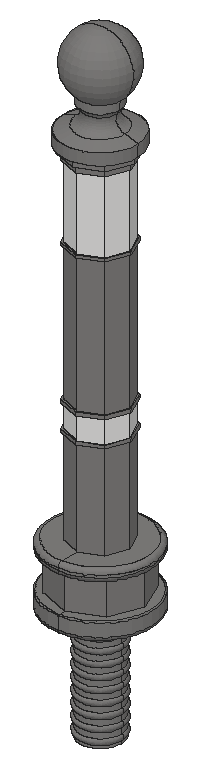
Revit family "Pilona Trajana FLEX", category Furniture, Revit 2020
Family settings
  OmniClass Number = 23.40.20.00
  OmniClass Title = General Furniture and Specialties
  Work Plane-Based = No
  Always vertical = Yes
  Cut with Voids When Loaded = No
  Shared = No
  Room Calculation Point = No
Parameters (values of type "Pilona Trajana FLEX-H410-100mm")
  URL Producto = "https://www.benito.com/es/mobiliario-urbano/pilonas-semiflexibles/trajana-flex--H410.html"
  Type Comments = "Con dos bandas reflectantes en la parte superior e inferior"
  Referencia = "H410"
  Material = Polietilieno
  H1 = 0.200 m
  H = 1.100 m
  Ficha Tecnica = "https://www.benito.com/es/download/data-sheet-H410"
  Fabricante = "BENITO URBAN SL"
  Description = "Pilona fabricada en polietileno de baja y alta densidad, compactado. Interior con goma reciclada de caucho"
  Default Elevation = 0.000 m
  B = 0.073 m
  A = 0.100 m
Reference planes (m)
  plane 1 "Center (Front/Back)": y = 0
  plane 2: z = 0
  plane 3 "Center (Left/Right)": x = 0
  plane 4: z = 1.1
  plane 5: z = 0.2
  plane 6: x = -0.05
  plane 7: x = 0.05
  plane 8: x = -0.0365
  plane 9: x = 0.0365
  plane 10: x = -0.09
  plane 11: x = 0.09
Forms (m)
  Revolve 1, solid, material "FLEX p"
    sketch origin (0, 0, 0) x (1, 0, 0) y (0, 0, 1)
      loop
        line (0, 0.2) -> (-0.0365, 0.2) -> (-0.0365, 0.18)
        arc (-0.0365, 0.18) -> (-0.039529, 0.175) -> (-0.0365, 0.17) r 0.005642
        line (-0.0365, 0.17) -> (-0.0365, 0.16)
        arc (-0.0365, 0.16) -> (-0.039529, 0.155) -> (-0.0365, 0.15) r 0.005642
        line (-0.0365, 0.15) -> (-0.0365, 0.14)
        arc (-0.0365, 0.14) -> (-0.039529, 0.135) -> (-0.0365, 0.13) r 0.005642
        line (-0.0365, 0.13) -> (-0.0365, 0.12)
        arc (-0.0365, 0.12) -> (-0.039529, 0.115) -> (-0.0365, 0.11) r 0.005642
        line (-0.0365, 0.11) -> (-0.0365, 0.1)
        arc (-0.0365, 0.1) -> (-0.039529, 0.095) -> (-0.0365, 0.09) r 0.005642
        line (-0.0365, 0.09) -> (-0.0365, 0.08)
        arc (-0.0365, 0.08) -> (-0.039529, 0.075) -> (-0.0365, 0.07) r 0.005642
        line (-0.0365, 0.07) -> (-0.0365, 0.06)
        arc (-0.0365, 0.06) -> (-0.039529, 0.055) -> (-0.0365, 0.05) r 0.005642
        line (-0.0365, 0.05) -> (-0.0365, 0.04)
        arc (-0.0365, 0.04) -> (-0.039529, 0.035) -> (-0.0365, 0.03) r 0.005642
        line (-0.0365, 0.03) -> (-0.0365, 0.02)
        arc (-0.0365, 0.02) -> (-0.039529, 0.015) -> (-0.0365, 0.01) r 0.005642
        line (-0.0365, 0.01) -> (-0.0365, 0.005) -> (-0.0265, 0.005) -> (-0.0265, 0) -> (0, 0) -> (0, 0.005) -> (0, 0.2)
      axis (0, 0) -> (0, 0.2)
    angle from 0 to 360
  Revolve 2, solid, material "FLEX p"
    sketch origin (0, 0, 0) x (0, 1, 0) y (0, 0, 1)
      loop
        line (0, 0.31) -> (0, 0.29) -> (0.082, 0.29)
        arc (0.082, 0.29) -> (0.087657, 0.292343) -> (0.09, 0.298) r 0.008
        line (0.09, 0.298) -> (0.09, 0.302)
        arc (0.09, 0.302) -> (0.087657, 0.307657) -> (0.082, 0.31) r 0.008
        line (0.082, 0.31) -> (0, 0.31)
      loop
        line (0, 0.23) -> (0, 0.2) -> (0.084, 0.2)
        arc (0.084, 0.2) -> (0.088243, 0.201757) -> (0.09, 0.206) r 0.006
        line (0.09, 0.206) -> (0.09, 0.228335)
        arc (0.09, 0.228335) -> (0.089512, 0.229512) -> (0.088335, 0.23) r 0.001665
        line (0.088335, 0.23) -> (0, 0.23)
      axis (0, 0.2) -> (0, 0.31)
    angle from 0 to 360
  Extrusion 3, solid, material "FLEX p"
    sketch origin (0, 0, 0) x (1, 0, 0) y (0, 1, 0)
      loop
        line (0, -0.077175) -> (0.054571, -0.054571) -> (0.077175, 0) -> (0.054571, 0.054571) -> (0, 0.077175) -> (-0.054571, 0.054571) -> (-0.077175, 0) -> (-0.054571, -0.054571) -> (0, -0.077175)
    from 0.23 to 0.290201
  Extrusion 4, solid, material "FLEX p"
    sketch origin (0, 0, -0.020799) x (1, 0, 0) y (0, 1, 0)
      loop
        line (0.05, 0) -> (0.035355, 0.035355) -> (0, 0.05) -> (-0.035355, 0.035355) -> (-0.05, 0) -> (-0.035355, -0.035355) -> (0, -0.05) -> (0.035355, -0.035355) -> (0.05, 0)
    from 0.548312 to 0.790888
  Extrusion 5, solid, material "FLEX p"
    sketch origin (0, 0, 0.212509) x (1, 0, 0) y (0, 1, 0)
      loop
        line (0.052926, 0) -> (0.037424, 0.037424) -> (0, 0.052926) -> (-0.037424, 0.037424) -> (-0.052926, 0) -> (-0.037424, -0.037424) -> (0, -0.052926) -> (0.037424, -0.037424) -> (0.052926, 0)
      loop
        line (0.05, 0) -> (0.035355, 0.035355) -> (0, 0.05) -> (-0.035355, 0.035355) -> (-0.05, 0) -> (-0.035355, -0.035355) -> (0, -0.05) -> (0.035355, -0.035355) -> (0.05, 0)
    from 0.552452 to 0.557579
  Revolve 6, solid, material "FLEX p"
    sketch origin (0, 0, 0.1) x (1, 0, 0) y (0, 0, 1)
      loop
        arc (0, 1) -> (-0.054593, 0.96055) -> (-0.034276, 0.896333) r 0.0575
        line (-0.034276, 0.896333) -> (-0.034276, 0.881854)
        arc (-0.034276, 0.881854) -> (-0.031054, 0.878245) -> (-0.028694, 0.874022) r 0.022136
        arc (-0.028694, 0.874022) -> (-0.029018, 0.857714) -> (-0.041379, 0.847071) r 0.02
        line (-0.041379, 0.847071) -> (-0.065, 0.84) -> (0, 0.84) -> (0, 1)
      axis (0, 0.84) -> (0, 1)
    angle from 0 to 360
  Extrusion 7, solid, material "FLEX p"
    sketch origin (0, 0, 0.52) x (1, 0, 0) y (0, 1, 0)
      loop
        line (0, 0.06) -> (-0.042426, 0.042426) -> (-0.06, 0) -> (-0.042426, -0.042426) -> (0, -0.06) -> (0.042426, -0.042426) -> (0.06, 0) -> (0.042426, 0.042426) -> (0, 0.06)
    from 0.387941 to 0.4
  Revolve 8, solid, material "FLEX p"
    sketch origin (0, 0, 0.1) x (1, 0, 0) y (0, 0, 1)
      loop
        line (0, 0.84) -> (-0.065, 0.84) -> (-0.065, 0.82) -> (0, 0.82) -> (0, 0.84)
      axis (0, 0.82) -> (0, 0.84)
    angle from 0 to 360
  Extrusion 9, solid, material "FLEX p"
    sketch origin (0, 0, 0.432509) x (1, 0, 0) y (0, 1, 0)
      loop
        line (0.052926, 0) -> (0.037424, 0.037424) -> (0, 0.052926) -> (-0.037424, 0.037424) -> (-0.052926, 0) -> (-0.037424, -0.037424) -> (0, -0.052926) -> (0.037424, -0.037424) -> (0.052926, 0)
      loop
        line (0.05, 0) -> (0.035355, 0.035355) -> (0, 0.05) -> (-0.035355, 0.035355) -> (-0.05, 0) -> (-0.035355, -0.035355) -> (0, -0.05) -> (0.035355, -0.035355) -> (0.05, 0)
    from 0.463269 to 0.475432
  Extrusion 10, solid, material "FLEX W"
    sketch origin (0, 0, 0.329571) x (1, 0, 0) y (0, 1, 0)
      loop
        line (0.05, 0) -> (0.035355, 0.035355) -> (0, 0.05) -> (-0.035355, 0.035355) -> (-0.05, 0) -> (-0.035355, -0.035355) -> (0, -0.05) -> (0.035355, -0.035355) -> (0.05, 0)
    from 0.440517 to 0.566207
  Extrusion 11, solid, material "FLEX p"
    sketch origin (0, 0, 0.039569) x (1, 0, 0) y (0, 1, 0)
      loop
        line (0.05, 0) -> (0.035355, 0.035355) -> (0, 0.05) -> (-0.035355, 0.035355) -> (-0.05, 0) -> (-0.035355, -0.035355) -> (0, -0.05) -> (0.035355, -0.035355) -> (0.05, 0)
    from 0.270026 to 0.436228
  Extrusion 12, solid, material "FLEX p"
    sketch origin (0, 0, 0.064628) x (1, 0, 0) y (0, 1, 0)
      loop
        line (0.052926, 0) -> (0.037424, 0.037424) -> (0, 0.052926) -> (-0.037424, 0.037424) -> (-0.052926, 0) -> (-0.037424, -0.037424) -> (0, -0.052926) -> (0.037424, -0.037424) -> (0.052926, 0)
      loop
        line (0.05, 0) -> (0.035355, 0.035355) -> (0, 0.05) -> (-0.035355, 0.035355) -> (-0.05, 0) -> (-0.035355, -0.035355) -> (0, -0.05) -> (0.035355, -0.035355) -> (0.05, 0)
    from 0.457027 to 0.462885
  Extrusion 13, solid, material "FLEX p"
    sketch origin (0, 0, 0.01877) x (1, 0, 0) y (0, 1, 0)
      loop
        line (0.052926, 0) -> (0.037424, 0.037424) -> (0, 0.052926) -> (-0.037424, 0.037424) -> (-0.052926, 0) -> (-0.037424, -0.037424) -> (0, -0.052926) -> (0.037424, -0.037424) -> (0.052926, 0)
      loop
        line (0.05, 0) -> (0.035355, 0.035355) -> (0, 0.05) -> (-0.035355, 0.035355) -> (-0.05, 0) -> (-0.035355, -0.035355) -> (0, -0.05) -> (0.035355, -0.035355) -> (0.05, 0)
    from 0.457027 to 0.462885
  Extrusion 14, solid, material "FLEX W"
    sketch origin (0, 0, 0.01877) x (1, 0, 0) y (0, 1, 0)
      loop
        line (0.05, 0) -> (0.035355, 0.035355) -> (0, 0.05) -> (-0.035355, 0.035355) -> (-0.05, 0) -> (-0.035355, -0.035355) -> (0, -0.05) -> (0.035355, -0.035355) -> (0.05, 0)
    from 0.462885 to 0.502885
Dimensions and locks (m)
  Revolve 1 to level = 0.200 m
  plane 4 to level = 1.100 m
  plane 7 to plane 6 = 0.100 m
  plane 9 to plane 8 = 0.073 m
  plane 10 to plane 11 = 0.180 m
  aligned and locked: level to plane 2
